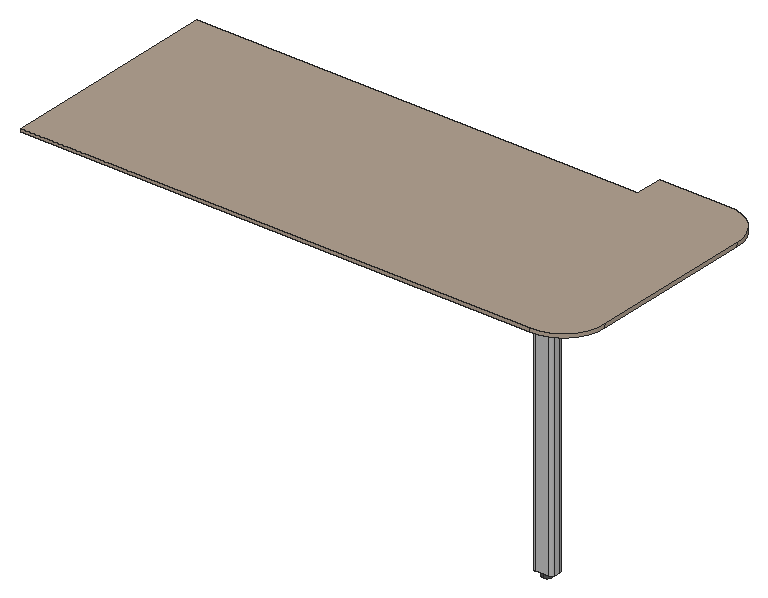
Revit family "Haworth_ActiveComponents_RectangleFullConferenceEnd_BUILD", category Furniture Systems, Revit 2018
Family settings
  Round Connector Dimension = Use Diameter
  Part Type = Normal
  OmniClass Number = 23.40.70.14.64.21
  OmniClass Title = Systems Furniture
  Work Plane-Based = No
  Always vertical = Yes
  Cut with Voids When Loaded = No
  Shared = No
  Room Calculation Point = No
Parameters (values of type "24d 60w - 48 Panel Width")
  With Leg = yes
  Support Finish [instance] = Haworth _ Paint _ Metallic Champagne
  Column Leg Offset = if(Actual Width = 72", 8 15/16", 7 15/16")  # 7 15/16"
  Column Leg Control = and(With Leg, not(Angled Leg Control))  # yes
  Angled Leg Control = and(With Leg, Overhang = 6")  # no
  Angle Leg Offset = 5 3/4"  # constant formula
  Worksurface Finish [instance] = Haworth _ Wood _ Light Maple VP-LM
  Warranty = "https://www.haworth.com/resources/product-info/warranties"
  URL - Product = "https://www.haworth.com/products/workspaces/accessories/active-components"
  URL = "www.haworth.com"
  Thickness = 1 3/16"  # constant formula
  Radius = 4 1/2"  # constant formula
  Overhang = Actual Width - Panel Width  # 12"
  Panel Width = 48"
  Overall Depth = Actual Depth + 3"  # 27"
  Min. Width = 60"  # constant formula
  Max. Width = 72"  # constant formula
  Size = "Verify Final Dim. w/ Haworth"  # constant formula
  Revision Number = "1"  # constant formula
  Model = "WAYA"  # constant formula
  Manufacturer = "Haworth"  # constant formula
  Description = "Haworth - Active Components - Rectangle Full Conference End"  # constant formula
  Author = "Haworth (Alias)"  # constant formula
  Assembly Code = "E2020200"
  Actual Width = 60"
  Actual Height = 29 3/16"  # constant formula
  Actual Depth = 24"
Types (5): name | Column Leg Offset | Column Leg Control | Angled Leg Control | Overhang | Panel Width | Overall Depth | Actual Width | Actual Depth
  30d 72w - 48 Panel Width | 8 15/16" | yes | no | 24" | 48" | 33" | 72" | 30"
  30d 72w - 66 Panel Width | 8 15/16" | no | yes | 6" | 66" | 33" | 72" | 30"
  30d 60w - 54 Panel Width | 7 15/16" | no | yes | 6" | 54" | 33" | 60" | 30"
  30d 60w - 42 Panel Width | 7 15/16" | yes | no | 18" | 42" | 33" | 60" | 30"
  24d 60w - 48 Panel Width | 7 15/16" | yes | no | 12" | 48" | 27" | 60" | 24"
Reference planes (in)
  plane 1: z = 0
  plane 2 "Center L/R": x = 17.5
  plane 3 "Left Edge": x = -12.5
  plane 4 "Right Panel": x = 35.5
  plane 5 "Support Top": z = 29.1875
  plane 6 "Center F/B": y = -7.86431
  plane 7 "Back": y = 4.13569
  plane 8 "Front": y = -19.86431
  plane 9 "Knife Edge": y = -17.86431
  plane 10 "Knife Edge Seam": z = 28.8125
  plane 11: y = 7.13569
  plane 12 "Right Edge": x = 47.5
  plane 13 "Knife Edge 2": x = 45.5
  plane 14 "Knife Edge Back": y = 5.13569
  plane 15: z = 28
  plane 16: x = 41.75
  plane 17: x = 39.5625
  plane 18: y = -11.86431
Forms (in)
  Extrusion 1, solid, material "Haworth _ Wood _ Light Maple VP-LM" <- "Worksurface Finish"
    sketch origin (0, 0, 0) x (1, 0, 0) y (0, 1, 0)
      loop
        line (-12.5, 4.13569) -> (-12.5, -19.86431) -> (43, -19.86431)
        arc (43, -19.86431) -> (46.18198, -18.54629) -> (47.5, -15.36431) r 4.5
        line (47.5, -15.36431) -> (47.5, 2.63569)
        arc (47.5, 2.63569) -> (46.18198, 5.81767) -> (43, 7.13569) r 4.5
        line (43, 7.13569) -> (35.5, 7.13569) -> (35.5, 4.13569) -> (-12.5, 4.13569)
    from 28 to 29.1875
  Sweep 2, void
    path origin (0, 0, 0) x (1, 0, 0) y (0, 1, 0)
      loop
        line (-12.5, -17.86431) -> (43, -17.86431)
        arc (43, -17.86431) -> (44.76777, -17.13208) -> (45.5, -15.36431) r 2.5
        line (45.5, -15.36431) -> (45.5, 2.63569)
        arc (45.5, 2.63569) -> (44.76777, 4.40346) -> (43, 5.13569) r 2.5
        line (43, 5.13569) -> (35.5, 5.13569)
    profile origin (15.25, -17.86431, 0) x (0, 1, 0) y (0, 0, 1)
      loop
        line (0, 28) -> (-2, 28.8125) -> (-2, 28) -> (0, 28)
Cuts and joins
  Sweep 2 cuts Extrusion 1
Lines and regions (in)
  Masking region 1
    outline origin (0, 0, 0) x (1, 0, 0) y (0, 1, 0)
      loop
        line (43, 7.13569) -> (35.5, 7.13569) -> (35.5, 4.13569) -> (-12.5, 4.13569) -> (-12.5, -19.86431) -> (43, -19.86431)
        arc (43, -19.86431) -> (46.18198, -18.54629) -> (47.5, -15.36431) r 4.5
        line (47.5, -15.36431) -> (47.5, 2.63569)
        arc (47.5, 2.63569) -> (46.18198, 5.81767) -> (43, 7.13569) r 4.5
Dimensions and locks (in)
  equal spacing: plane 8 "Front", plane 6 "Center F/B", plane 7 "Back"
  "Actual Depth": plane 8 "Front" to plane 7 "Back"
  locked: plane 5 "Support Top" to plane 10 "Knife Edge Seam" at 0.375
  "Overall Depth": plane 11 to plane 8 "Front"
  "Actual Width": plane 3 "Left Edge" to plane 12 "Right Edge"
  locked: plane 13 "Knife Edge 2" to plane 12 "Right Edge" at 2
  locked: plane 8 "Front" to plane 9 "Knife Edge" at 2
  equal spacing: plane 3 "Left Edge", plane 2 "Center L/R", plane 12 "Right Edge"
  "Panel Width": plane 3 "Left Edge" to plane 4 "Right Panel"
  locked: plane 14 "Knife Edge Back" to plane 11 at 2
  "Thickness": plane 15 to plane 5 "Support Top"
  "Actual Height": plane 5 "Support Top" to plane 1
  "Angle Leg Offset": plane 16 to plane 12 "Right Edge"
  "Column Leg Offset": plane 17 to plane 12 "Right Edge"
  locked: plane 18 to plane 8 "Front" at 8
  "Radius": radius of Extrusion 1 sketch curve  (x2)
  "Radius": radius of Masking region 1 sketch curve  (x2)
  aligned and locked: Extrusion 1 sketch curve to plane 3 "Left Edge"
  aligned and locked: Extrusion 1 sketch curve to plane 7 "Back"
  aligned and locked: Extrusion 1 sketch curve to plane 8 "Front"
  aligned and locked: Extrusion 1 sketch curve to plane 12 "Right Edge"
  aligned and locked: Extrusion 1 sketch curve to plane 11
  aligned and locked: Extrusion 1 sketch curve to plane 4 "Right Panel"
  aligned and locked: Sweep 2 sketch curve to plane 13 "Knife Edge 2"
  aligned and locked: plane 3 "Left Edge" to Sweep 2 sketch curve
  aligned and locked: Sweep 2 sketch curve to plane 9 "Knife Edge"
  aligned and locked: plane 3 "Left Edge" to Masking region 1 sketch curve
  aligned and locked: plane 7 "Back" to Masking region 1 sketch curve
  aligned and locked: Masking region 1 sketch curve to plane 4 "Right Panel"
  aligned and locked: plane 11 to Masking region 1 sketch curve
  aligned and locked: plane 12 "Right Edge" to Masking region 1 sketch curve
  aligned and locked: plane 8 "Front" to Masking region 1 sketch curve
  aligned and locked: plane 4 "Right Panel" to Sweep 2 sketch curve
  aligned and locked: plane 14 "Knife Edge Back" to Sweep 2 sketch curve
  aligned and locked: plane 5 "Support Top" to cut or joined group of Extrusion 1, Sweep 2
  aligned and locked: plane 15 to cut or joined group of Extrusion 1, Sweep 2
  aligned and locked: plane 8 "Front" to Sweep 2 sketch curve
  aligned and locked: plane 15 to Sweep 2 sketch curve
  aligned and locked: plane 10 "Knife Edge Seam" to Sweep 2 sketch curve
  aligned and locked: plane 9 "Knife Edge" to Sweep 2 sketch curve
  aligned and locked: plane 1 to nested 1
  aligned and locked: plane 1 to nested 2
  aligned and locked: nested 1 to plane 16
  aligned and locked: nested 2 to plane 17
  aligned and locked: nested 1 to plane 18
  aligned and locked: plane 18 to nested 2
Automatic sketch dimensions
  Sweep 2 sketch curve to Sweep 2 sketch curve = 2 1/2"
  plane 13 "Knife Edge 2" to Sweep 2 sketch curve = 2 1/2"
Nested families (in)
  nested 1: "Haworth_ActiveComponents_AngledLeg_BUILD" at (40.75, -19.80012, 0), visible <- "Angled Leg Control", type "Angled Leg"
  nested 2: "Haworth_ActiveComponents_ColumnLeg_BUILD" at (38.46875, -11.86431, 0) x (0, 1, 0) z (0, 0, 1), visible <- "Column Leg Control", type "Column Leg"
Definition of nested family "Haworth_ActiveComponents_AngledLeg_BUILD"
  Parameters (values of type "Angled Leg")
    Warranty = "https://www.haworth.com/resources/product-info/warranties"
    URL - Product = "https://www.haworth.com/products/workspaces/accessories/active-components"
    URL = "www.haworth.com"
    Trim Finish = none
    Revision = "1"  # constant formula
    Note = "Verify Final Dim. w/ Haworth"  # constant formula
    Model = "Haworth Active Components"  # constant formula
    Manufacturer = "Haworth"  # constant formula
    Leg Height = 28"  # constant formula
    Glide Finish = none
    Description = "Haworth Active Components - Angled Leg"  # constant formula
    Author = "Haworth (Alias)"  # constant formula
    Assembly Code = ""
  Reference planes (in)
    plane 1 "Front": y = 0
    plane 2 "Bottom": z = 0
    plane 3 "Center (Left/Right)": x = 0
    plane 4 "Glide End": z = 0.5
    plane 5 "Right": x = 1
    plane 6 "Left": x = -1
    plane 7: z = 28
    plane 8 "Back": y = 11.0625
    plane 9: z = 28
    plane 10: z = 27.764
    plane 11 "Top Middle": y = 7.93581
  Forms (in)
    Extrusion 1, solid, material <- "Glide Finish"
      sketch origin (0, 0, 0) x (1, 0, 0) y (0, 1, 0)
        loop
          circle (0, 0.625) r 0.5
      from 0 to 0.5
    Blend 2, solid, material <- "Trim Finish"
      base sketch origin (0, 0, 0) x (1, 0, 0) y (0, 1, 0)
        loop
          line (-0.625, 0) -> (0.625, 0)
          arc (0.625, 0) -> (0.89017, 0.10983) -> (1, 0.375) r 0.375
          line (1, 0.375) -> (1, 1.1875) -> (-1, 1.1875) -> (-1, 0.375)
          arc (-1, 0.375) -> (-0.89017, 0.10983) -> (-0.625, 0) r 0.375
      top sketch origin (0, 0, 0) x (1, 0, 0) y (0, 1, 0)
        loop
          line (-1, 8.52956) -> (-1, 7.71706)
          arc (-1, 7.71706) -> (-0.89017, 7.45189) -> (-0.625, 7.34206) r 0.375
          line (-0.625, 7.34206) -> (0.625, 7.34206)
          arc (0.625, 7.34206) -> (0.89017, 7.45189) -> (1, 7.71706) r 0.375
          line (1, 7.71706) -> (1, 8.52956) -> (-1, 8.52956)
      from 0.5 to 27.764
    Extrusion 3, solid, material <- "Trim Finish"
      sketch origin (0, 0, 0) x (1, 0, 0) y (0, 1, 0)
        loop
          arc (-3.39, 11.0625) -> (-3.65517, 10.95267) -> (-3.765, 10.6875) r 0.375
          line (-3.765, 10.6875) -> (-3.765, 7.43264)
          arc (-3.765, 7.43264) -> (-3.65517, 7.16748) -> (-3.39, 7.05764) r 0.375
          line (-3.39, 7.05764) -> (0.86, 7.05764)
          arc (0.86, 7.05764) -> (1.12517, 7.16748) -> (1.235, 7.43264) r 0.375
          line (1.235, 7.43264) -> (1.235, 10.6875)
          arc (1.235, 10.6875) -> (1.12517, 10.95267) -> (0.86, 11.0625) r 0.375
          line (0.86, 11.0625) -> (-3.39, 11.0625)
      from 27.764 to 28
  Lines and regions (in)
    Masking region 1, detail levels medium+fine
      outline origin (0, 0, 0) x (1, 0, 0) y (0, 1, 0)
        loop
          arc (-0.985, 0.40547) -> (-0.87035, 0.1231) -> (-0.5913, 0.00058) r 0.40505
          line (-0.5913, 0.00058) -> (0.57004, 0.00058)
          arc (0.57004, 0.00058) -> (0.86642, 0.1119) -> (0.985, 0.40544) r 0.39368
          line (0.985, 0.40544) -> (0.985, 8.52956) -> (-0.985, 8.52956) -> (-0.985, 0.40547)
    symbolic lines, detail levels medium+fine
      curve 1: line (-3.39, 7.05764, 0) -> (0.86, 7.05764, 0)
      curve 2: arc (0.86, 7.05764, 0) -> (1.12517, 7.16748, 0) -> (1.235, 7.43264, 0) r 0.375
      curve 3: line (1.235, 7.43264, 0) -> (1.235, 10.6875, 0)
      curve 4: arc (1.235, 10.6875, 0) -> (1.12517, 10.95267, 0) -> (0.86, 11.0625, 0) r 0.375
      curve 5: line (0.86, 11.0625, 0) -> (-3.39, 11.0625, 0)
      curve 6: arc (-3.39, 11.0625, 0) -> (-3.65517, 10.95267, 0) -> (-3.765, 10.6875, 0) r 0.375
      curve 7: line (-3.765, 10.6875, 0) -> (-3.765, 7.43264, 0)
      curve 8: arc (-3.765, 7.43264, 0) -> (-3.65517, 7.16748, 0) -> (-3.39, 7.05764, 0) r 0.375
  Dimensions and locks (in)
    level to plane 4 "Glide End" = 1/2"
    locked: plane 4 "Glide End" to plane 2 "Bottom" at 0.5
    "Leg Height": plane 7 to plane 2 "Bottom"
    equal spacing: plane 6 "Left", plane 3 "Center (Left/Right)", plane 5 "Right"
    locked: plane 6 "Left" to plane 5 "Right" at 2
    locked: plane 1 "Front" to plane 8 "Back" at 11.0625
    locked: plane 1 "Front" to Extrusion 1 sketch curve at 0.625
    locked: Blend 2 sketch curve to plane 1 "Front" at 1.1875
    locked: Blend 2 sketch curve to plane 8 "Back" at 2.53294
    locked: Blend 2 sketch curve to Blend 2 sketch curve at 1.1875
    locked: plane 9 to plane 10 at 0.236
    locked: Extrusion 3 sketch curve to Extrusion 3 sketch curve at 4.00486
    locked: plane 5 "Right" to Extrusion 3 sketch curve at 0.235
    locked: Extrusion 3 sketch curve to plane 6 "Left" at 2.765
    aligned and locked: Extrusion 1 to plane 2 "Bottom"
    aligned and locked: Extrusion 1 to plane 4 "Glide End"
    aligned and locked: plane 5 "Right" to Blend 2 sketch curve
    aligned and locked: plane 6 "Left" to Blend 2 sketch curve
    aligned and locked: Blend 2 sketch curve to plane 6 "Left"
    aligned and locked: Blend 2 sketch curve to plane 5 "Right"
    aligned and locked: plane 4 "Glide End" to Blend 2
    aligned and locked: plane 3 "Center (Left/Right)" to Extrusion 1 sketch curve
    aligned and locked: plane 1 "Front" to Blend 2 sketch curve
    aligned and locked: plane 10 to Blend 2
    aligned and locked: Extrusion 3 sketch curve to plane 8 "Back"
    aligned and locked: plane 9 to Extrusion 3
    aligned and locked: Extrusion 3 to plane 10
  Automatic sketch dimensions
    Blend 2 sketch curve to plane 6 "Left" = 3/8"  (x2)
    Blend 2 sketch curve to plane 5 "Right" = 3/8"  (x2)
    Extrusion 3 sketch curve to Extrusion 3 sketch curve = 3/8"
    Extrusion 3 sketch curve to plane 8 "Back" = 3/8"
    Extrusion 3 sketch curve to plane 5 "Right" = 0.14"  (x2)
    Masking region 1 sketch curve to plane 6 "Left" = 0.015"
    Masking region 1 sketch curve to plane 1 "Front" = 0.00058"
    Masking region 1 sketch curve to plane 6 "Left" = 0.4087"
    Masking region 1 sketch curve to Masking region 1 sketch curve = 0.40505"
    Masking region 1 sketch curve to plane 5 "Right" = 0.42996"
    Masking region 1 sketch curve to Masking region 1 sketch curve = 0.02145"
    Masking region 1 sketch curve to plane 5 "Right" = 0.015"
    Masking region 1 sketch curve to plane 1 "Front" = 0.39368"
    Masking region 1 sketch curve to plane 11 "Top Middle" = 19/32"
    curve 6 to plane 8 "Back" = 0"
    curve 7 to plane 8 "Back" = 3/8"
    plane 6 "Left" to curve 7 = 2.765"
    curve 7 to curve 8 = 3/8"
    curve 1 to plane 5 "Right" = 0.14"
    curve 4 to plane 5 "Right" = 0.14"
    plane 5 "Right" to curve 3 = 0.235"
    plane 11 "Top Middle" to curve 2 = 0.50317"
    radius of Extrusion 1 sketch curve = 1/2"
Definition of nested family "Haworth_ActiveComponents_ColumnLeg_BUILD"
  Parameters (values of type "Column Leg")
    Warranty = "https://www.haworth.com/resources/product-info/warranties"
    URL - Product = "https://www.haworth.com/products/workspaces/accessories/active-components"
    URL = "www.haworth.com"
    Trim Finish = none
    Revision = "1"  # constant formula
    Note = "Verify Final Dim. w/ Haworth"  # constant formula
    Model = "Haworth Active Components"  # constant formula
    Manufacturer = "Haworth"  # constant formula
    Leg Height = 28"  # constant formula
    Glide Finish = none
    Description = "Haworth Active Components - Column Leg"  # constant formula
    Author = "Haworth (Alias)"  # constant formula
    Assembly Code = ""
  Reference planes (in)
    plane 1 "Center (Front/Back)": y = 0
    plane 2 "Bottom": z = 0
    plane 3 "Center (Left/Right)": x = 0
    plane 4: z = 0.5
    plane 5 "Right": x = 0.6875
    plane 6 "Left": x = -0.6875
    plane 7 "Back": y = 1.09375
    plane 8 "Front": y = -1.09375
    plane 9: z = 28
    plane 10: z = 27.8125
  Forms (in)
    Extrusion 1, solid, material <- "Trim Finish"
      sketch origin (0, 0, 2.5625) x (-1, 0, 0) y (0, -1, 0)
        loop
          arc (0.3125, -1.09375) -> (0.57767, -0.98392) -> (0.6875, -0.71875) r 0.375
          line (0.6875, -0.71875) -> (0.6875, 0.71875)
          arc (0.6875, 0.71875) -> (0.57767, 0.98392) -> (0.3125, 1.09375) r 0.375
          line (0.3125, 1.09375) -> (-0.3125, 1.09375)
          arc (-0.3125, 1.09375) -> (-0.57767, 0.98392) -> (-0.6875, 0.71875) r 0.375
          line (-0.6875, 0.71875) -> (-0.6875, -0.71875)
          arc (-0.6875, -0.71875) -> (-0.57767, -0.98392) -> (-0.3125, -1.09375) r 0.375
          line (-0.3125, -1.09375) -> (0.3125, -1.09375)
      from -2.0625 to 25.25
    Extrusion 2, solid, material <- "Glide Finish"
      sketch origin (0, 0, 0) x (1, 0, 0) y (0, 1, 0)
        loop
          circle (0, 0) r 0.53553
      from 0 to 0.5
    Extrusion 3, solid, material <- "Trim Finish"
      sketch origin (0, 0, 0) x (1, 0, 0) y (0, 1, 0)
        loop
          arc (-2.625, 3) -> (-2.89017, 2.89017) -> (-3, 2.625) r 0.375
          line (-3, 2.625) -> (-3, -2.625)
          arc (-3, -2.625) -> (-2.89017, -2.89017) -> (-2.625, -3) r 0.375
          line (-2.625, -3) -> (2.625, -3)
          arc (2.625, -3) -> (2.89017, -2.89017) -> (3, -2.625) r 0.375
          line (3, -2.625) -> (3, 2.625)
          arc (3, 2.625) -> (2.89017, 2.89017) -> (2.625, 3) r 0.375
          line (2.625, 3) -> (-2.625, 3)
      from 27.8125 to 28
  Lines and regions (in)
    Masking region 1, detail levels medium+fine
      outline origin (0, 0, 0) x (1, 0, 0) y (0, 1, 0)
        loop
          arc (-0.3125, 1.09375) -> (-0.57767, 0.98392) -> (-0.6875, 0.71875) r 0.375
          line (-0.6875, 0.71875) -> (-0.6875, -0.71875)
          arc (-0.6875, -0.71875) -> (-0.57767, -0.98392) -> (-0.3125, -1.09375) r 0.375
          line (-0.3125, -1.09375) -> (0.3125, -1.09375)
          arc (0.3125, -1.09375) -> (0.57767, -0.98392) -> (0.6875, -0.71875) r 0.375
          line (0.6875, -0.71875) -> (0.6875, 0.71875)
          arc (0.6875, 0.71875) -> (0.57767, 0.98392) -> (0.3125, 1.09375) r 0.375
          line (0.3125, 1.09375) -> (-0.3125, 1.09375)
    symbolic lines, detail levels medium+fine
      curve 1: line (2.625, 3, 0) -> (-2.625, 3, 0)
      curve 2: arc (-2.625, 3, 0) -> (-2.89017, 2.89017, 0) -> (-3, 2.625, 0) r 0.375
      curve 3: line (-3, 2.625, 0) -> (-3, -2.625, 0)
      curve 4: arc (-3, -2.625, 0) -> (-2.89017, -2.89017, 0) -> (-2.625, -3, 0) r 0.375
      curve 5: line (-2.625, -3, 0) -> (2.625, -3, 0)
      curve 6: arc (2.625, -3, 0) -> (2.89017, -2.89017, 0) -> (3, -2.625, 0) r 0.375
      curve 7: line (3, -2.625, 0) -> (3, 2.625, 0)
      curve 8: arc (3, 2.625, 0) -> (2.89017, 2.89017, 0) -> (2.625, 3, 0) r 0.375
  Dimensions and locks (in)
    level to plane 4 = 1/2"
    locked: plane 4 to plane 2 "Bottom" at 0.5
    equal spacing: plane 6 "Left", plane 3 "Center (Left/Right)", plane 5 "Right"
    locked: plane 6 "Left" to plane 5 "Right" at 1.375
    equal spacing: plane 8 "Front", plane 1 "Center (Front/Back)", plane 7 "Back"
    locked: plane 7 "Back" to plane 8 "Front" at 2.1875
    "Leg Height": plane 9 to plane 2 "Bottom"
    locked: plane 9 to plane 10 at 0.1875
    locked: plane 3 "Center (Left/Right)" to Extrusion 3 sketch curve at 3
    locked: Extrusion 3 sketch curve to plane 3 "Center (Left/Right)" at 3
    locked: Extrusion 3 sketch curve to plane 1 "Center (Front/Back)" at 3
    locked: plane 1 "Center (Front/Back)" to Extrusion 3 sketch curve at 3
    aligned and locked: Extrusion 2 to plane 2 "Bottom"
    aligned and locked: Extrusion 2 to plane 4
    aligned and locked: plane 4 to Extrusion 1
    aligned and locked: plane 1 "Center (Front/Back)" to Extrusion 2 sketch curve
    aligned and locked: plane 3 "Center (Left/Right)" to Extrusion 2 sketch curve
    aligned and locked: Extrusion 1 sketch curve to plane 5 "Right"
    aligned and locked: Extrusion 1 sketch curve to plane 6 "Left"
    aligned and locked: Extrusion 1 sketch curve to plane 7 "Back"
    aligned and locked: Extrusion 1 sketch curve to plane 8 "Front"
    aligned and locked: Masking region 1 sketch curve to plane 5 "Right"
    aligned and locked: Masking region 1 sketch curve to plane 7 "Back"
    aligned and locked: Masking region 1 sketch curve to plane 6 "Left"
    aligned and locked: Masking region 1 sketch curve to plane 8 "Front"
    aligned and locked: plane 10 to Extrusion 1
    aligned and locked: plane 9 to Extrusion 3
    aligned and locked: Extrusion 3 to plane 10
  Automatic sketch dimensions
    plane 3 "Center (Left/Right)" to Extrusion 1 sketch curve = 5/16"  (x2)
    Extrusion 1 sketch curve to plane 3 "Center (Left/Right)" = 5/16"  (x2)
    Masking region 1 sketch curve to plane 3 "Center (Left/Right)" = 5/16"  (x2)
    plane 3 "Center (Left/Right)" to Masking region 1 sketch curve = 5/16"  (x2)
    Extrusion 3 sketch curve to Extrusion 3 sketch curve = 3/8"  (x3)
    plane 5 "Right" to Extrusion 3 sketch curve = 1 15/16"
    plane 6 "Left" to curve 3 = 2 5/16"
    curve 3 to curve 5 = 3/8"
    curve 2 to curve 1 = 3/8"
    plane 5 "Right" to curve 1 = 1 15/16"
    plane 5 "Right" to curve 5 = 1 15/16"
    curve 8 to curve 7 = 3/8"
    plane 8 "Front" to curve 5 = 1 29/32"
    plane 7 "Back" to curve 2 = 1 17/32"
    radius of Extrusion 2 sketch curve = 0.53553"
